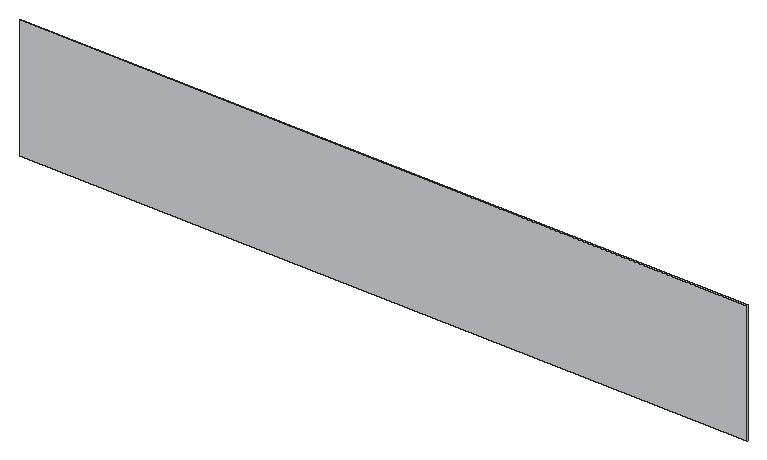
Revit family "FlatStrap", category Structural Framing, Revit 2026
Family settings
  Section Shape = Not Defined
  Material for Model Behavior = Other
  Always export as geometry = No
  Classification Number = 23.25.30.11.14.14
  Always vertical = No
  Cut with Voids When Loaded = No
  Symbolic Representation = From Family
  Shared = No
  Show family pre-cut in plan views = No
Parameters (values of type "10" X 68 mil")
  Version = "2.0"
  URL = ""
  T = 0.0713"
  Manufacturer = ""
  Length [instance] = 60.0000"
  D = 10.0000"
Types (9): name | T | D
  (no name) | 0.0713" | 10.0000"
  10" X 68 mil | 0.0713" | 10.0000"
  8" X 54 mil | 0.0566" | 8.0000"
  8" X 68 mil | 0.0713" | 8.0000"
  6" X 54 mil | 0.0566" | 6.0000"
  4" X 54 mil | 0.0566" | 4.0000"
  2" X 43 mil | 0.0451" | 2.0000"
  3" X 43 mil | 0.0451" | 3.0000"
  3" X 54 mil | 0.0566" | 3.0000"
Reference planes (in)
  plane 1 "Center (Front/Back)": y = 0
  plane 2 "Center El.": z = 0
  plane 3 "Center (Left/Right)": x = 0
  plane 4 "Left": x = -30
  plane 5 "Right": x = 30
  plane 6: through (480, -0.62547, 0.30359) normal (0, 0.9703, -0.2419)
  plane 7: through (480, -0.6525, 0.33819) normal (0, 0.9703, -0.2419)
  plane 8: z = 5
  plane 9: z = -5
  plane 10: y = -0.03565
  plane 11: y = 0.03565
Forms (in)
  Extrusion 1, solid
    sketch origin (0, 0, 0) x (1, 0, 0) y (0, 0, 1)
      loop
        line (-30, 5) -> (-30, -5) -> (30, -5) -> (30, 5) -> (-30, 5)
    from -0.03565 to 0.03565
Dimensions and locks (in)
  "Length": plane 4 "Left" to plane 5 "Right"
  equal spacing: plane 8, level, plane 9
  equal spacing: plane 11, plane 1 "Center (Front/Back)", plane 10
  "T": plane 11 to plane 10
  "D": plane 8 to plane 9
  aligned and locked: Extrusion 1 to plane 11
  aligned and locked: plane 10 to Extrusion 1
Automatic sketch dimensions
  plane 4 "Left" to Extrusion 1 sketch curve = 0.0000"
  plane 5 "Right" to Extrusion 1 sketch curve = 0.0000"
  Extrusion 1 sketch curve to plane 9 = 0.0000"
  Extrusion 1 sketch curve to plane 8 = 0.0000"
